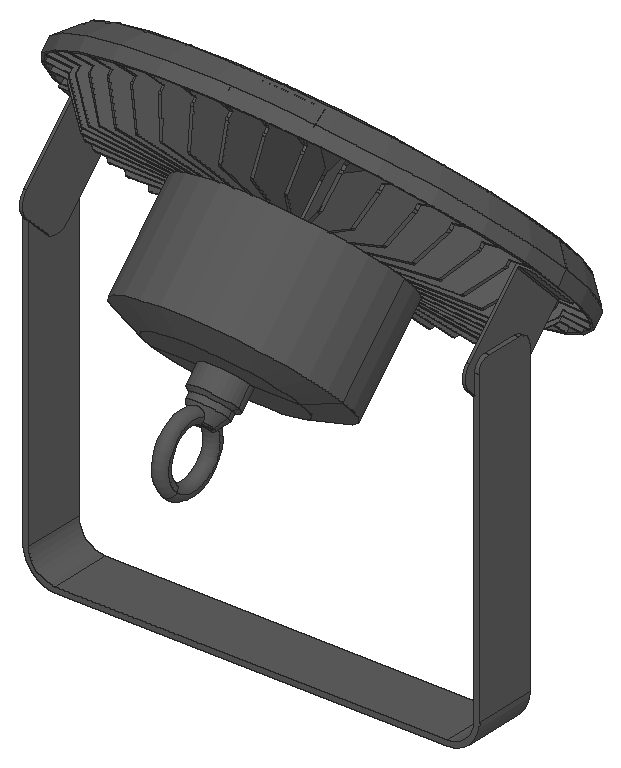
Revit family "0039365+0039353 Sylvania Lighting Fixture START HighBay IP65 DALI 13000lm 840 WB with BRACKET", category Lighting Fixtures, host Face, Revit 2017
Family settings
  Host = Face
  Round Connector Dimension = Use Diameter
  Part Type = Normal
  OmniClass Number = 23.80.70.00
  OmniClass Title = Lighting
  Cut with Voids When Loaded = No
  Light Source = No
  Shared = No
  Room Calculation Point = No
Parameters (values of type "0039365+0039353  START HighBay IP65 DALI 13000lm 840 WB with BRACKET")
  Weight = "3.0 kg"
  Wattage Comments = ""
  WarrantyStartDate [instance] = "n/a"
  WarrantyGuarantorParts = "n/a"
  WarrantyDurationUnit = "n/a"
  WarrantyDurationParts = "n/a"
  WarrantyDescription = "n/a"
  Voltage = 0 V
  URL = "http://www.sylvania-lighting.com"
  TypeName = "START HighBay IP65 DALI 13000lm 840 WB with BRACKET"
  TypeHead_FEILO = Start LED Highbay DALI Head : 0039365+0039353 START HighBay IP65 DALI 13000lm 840 WB with BRACKET
  Type Image = <None>
  Type Comments = "n/a"
  TiltAngle_FEILO [instance] = 45.00°
  ThicknessBracketPlate_FEILO = 3 mm
  SizeBracketS_FEILO = yes
  SizeBracketM_FEILO = no
  SerialNumber [instance] = "n/a"
  RadiusBracketTop_FEILO = 7 mm
  RadiusBendOut_FEILO = if(SizeBracketS_FEILO, 18 mm, if(SizeBracketM_FEILO, 24 mm, 28 mm))  # 18 mm
  RadiusBendIn_FEILO = RadiusBendOut_FEILO - ThicknessBracketPlate_FEILO  # 15 mm
  Material_3_FEILO = none
  PowerFactor = 0.95
  PowerConsumption = "90 W"
  NominalLength = 270 mm
  NominalHeight = 175 mm
  NominalDepth = 270 mm
  Name = "START HighBay IP65 DALI 13000lm 840 WB with BRACKET"
  ModelReference = Name  # "START HighBay IP65 DALI 13000lm 840 WB with BRACKET"
  ModelNumber = "0039365+0039353"
  Model = Name  # "START HighBay IP65 DALI 13000lm 840 WB with BRACKET"
  Material = "aluminium alloy housing, polycarbonate diffuser"
  ManufacturerName = "Feilo Sylvania"
  Manufacturer = "Feilo Sylvania"
  LuminousEfficacy = "130 lm/W"
  LuminaireType = ""
  LightOutputRatio = "n/a"
  LampsType = Lamp  # "LED"
  LampNominalLuminous = "11700 lm"
  LampMacAdamStep = "6"
  LampColourTemperature = "6500 K"
  LampColourRenderingIndex = "80"
  Lamp = "LED"
  Keynote = "16500"
  InstallationDate [instance] = "n/a"
  InputVoltage = "n/a"
  InputNominalFrequency = "50/60 Hz"
  IngressProtection = "IP65"
  ImpactProtectionIndex = "IK08"
  IfcExportType = "IfcLightFixtureType"
  IfcExportAs = "IfcLightFixtureType"
  ExpectedLife = 50000
  EndAngle_FEILO [instance] = TiltAngle_FEILO + 180.00°  # 225.00°
  ElectricShockClassification = "Class I"
  DurationUnit = "hours"
  DocumentationLiterature = "http://www.sylvania-lighting.com/product/en-int/products/0039365"
  DimmingControlOptions = "Dimmable"
  Material_2_FEILO = none
  Description = "START Highbay, includes 1 m cables, black aluminium housing, 11,700 Lm, 90 W, 130 Lm/W, 6500 K, drive current: 2000 mA, CRI 80, 90° beam angle, DALI dimmable, IP65, IK08, 50,000 hrs (L80/B50), (D x H) 270 x 175 mm."
  Default Elevation = 1219.2 mm
  CreatedOn = "5/15/2018"
  CreatedBy = ""
  Cost = 0
  built-in parameter 1114216 [instance] = (empty or 0)
  ClassificationValue = "EF_70_80"
  ClassificationName = "Uniclass2015"
  Material_1_FEILO = Body-Sylvania-StartHighbay-Black
  BracketHeight_FEILO = if(SizeBracketS_FEILO, 199.5 mm, if(SizeBracketM_FEILO, 209.6 mm, 201.3 mm))  # 199.5 mm
  BracketDistanceInner_FEILO = if(SizeBracketS_FEILO, 249.4 mm, if(SizeBracketM_FEILO, 273.6 mm, 313.2 mm))  # 249.4 mm
  BarCode [instance] = "n/a"
  AssetType = "Fixed"
  AssetIdentifier [instance] = "n/a"
  Assembly Code = "D5020200"
  Apparent Load = 90 VA
  Material_4_FEILO = none
Reference planes
  plane 1 "Center (Front/Back)": y = 0
  plane 2: z = 0
  plane 3 "Center (Left/Right)": x = 0
  plane 4: x = -127.7
  plane 5: x = 127.7
  plane 6: z = 199.5
  plane 7: x = -124.7
  plane 8: z = 3
  plane 9: x = 124.7
  plane 10: y = 17.5
  plane 11: y = -17.5
  plane 12: y = -19.5
  plane 13: z = 201.5
  plane 14: y = 19.5
  plane 15: z = 190.5
Forms (mm)
  Extrusion 1, solid, material "Body-Sylvania-StartHighbay-Black" <- "Material_1_FEILO"
    sketch origin (0, 0, 0) x (1, 0, 0) y (0, 0, 1)
      loop
        line (-127.7, 199.5) -> (-127.7, 18)
        arc (-127.7, 18) -> (-122.428, 5.272) -> (-109.7, 0) r 18
        line (-109.7, 0) -> (109.7, 0)
        arc (109.7, 0) -> (122.428, 5.272) -> (127.7, 18) r 18
        line (127.7, 18) -> (127.7, 199.5) -> (124.7, 199.5) -> (124.7, 18)
        arc (124.7, 18) -> (120.307, 7.393) -> (109.7, 3) r 15
        line (109.7, 3) -> (-109.7, 3)
        arc (-109.7, 3) -> (-120.307, 7.393) -> (-124.7, 18) r 15
        line (-124.7, 18) -> (-124.7, 199.5) -> (-127.7, 199.5)
    from -17.5 to 17.5
  Extrusion 2, void
    sketch origin (0, 0, 0) x (0, 1, 0) y (0, 0, 1)
      loop
        arc (10.5, 199.5) -> (15.45, 197.45) -> (17.5, 192.5) r 7
        line (17.5, 192.5) -> (19.5, 192.5) -> (19.5, 201.5) -> (-19.5, 201.5) -> (-19.5, 192.5) -> (-17.5, 192.5)
        arc (-17.5, 192.5) -> (-15.45, 197.45) -> (-10.5, 199.5) r 7
        line (-10.5, 199.5) -> (10.5, 199.5)
    from -127.7 to 127.7
  Revolve 3, solid, not visible
    sketch origin (1223.4, -4572, 190.5) x (0, -1, 0) y (1, 0, 0)
      loop
        line (-4572, -1223.4) -> (-4591.5, -1223.4) -> (-4591.5, -1277.783) -> (-4572, -1277.783) -> (-4572, -1223.4)
      axis (-4572, -1223.4) -> (-4572, -1277.783)
    angle from 45 <- "TiltAngle_FEILO" to 225 <- "EndAngle_FEILO"
Cuts and joins
  Extrusion 2 cuts Extrusion 1
Dimensions and locks
  "BracketHeight_FEILO": plane 6 to plane 2
  equal spacing: plane 11, plane 1 "Center (Front/Back)", plane 10
  locked: plane 11 to plane 10 at 35
  equal spacing: plane 9, plane 3 "Center (Left/Right)", plane 7
  "BracketDistanceInner_FEILO": plane 9 to plane 7
  "ThicknessBracketPlate_FEILO": plane 7 to plane 4
  "ThicknessBracketPlate_FEILO": plane 8 to plane 2
  equal spacing: plane 5, plane 3 "Center (Left/Right)", plane 4
  equal spacing: plane 12, plane 1 "Center (Front/Back)", plane 14
  locked: plane 6 to plane 13 at 2
  locked: plane 12 to plane 11 at 2
  locked: plane 6 to plane 15 at 9
  "RadiusBendOut_FEILO": radius of Extrusion 1 sketch curve  (x2)
  "RadiusBendIn_FEILO": radius of Extrusion 1 sketch curve  (x2)
  "RadiusBracketTop_FEILO": radius of Extrusion 2 sketch curve  (x2)
  aligned and locked: plane 2 to host face
  aligned and locked: level to host face
  aligned and locked: Extrusion 1 sketch curve to plane 4
  aligned and locked: Extrusion 1 sketch curve to level
  aligned and locked: plane 6 to Extrusion 1 sketch curve
  aligned and locked: Extrusion 1 sketch curve to plane 6
  aligned and locked: Extrusion 1 sketch curve to plane 7
  aligned and locked: plane 9 to Extrusion 1 sketch curve
  aligned and locked: plane 8 to Extrusion 1 sketch curve
  aligned and locked: Extrusion 1 to plane 10
  aligned and locked: plane 11 to Extrusion 1
  aligned and locked: Extrusion 1 to Extrusion 2 sketch curve
  aligned and locked: plane 14 to Extrusion 2 sketch curve  (x2)
  aligned and locked: Extrusion 2 sketch curve to plane 12
  aligned and locked: plane 13 to Extrusion 2 sketch curve
  aligned and locked: plane 5 to Extrusion 2
  aligned and locked: Extrusion 2 to plane 4
  aligned and locked: Revolve 3 sketch curve to plane 1 "Center (Front/Back)"
  aligned and locked: Revolve 3 sketch curve to Revolve 3 sketch curve
  aligned and locked: plane 3 "Center (Left/Right)" to Revolve 3 sketch curve
  aligned and locked: Revolve 3 sketch curve to plane 14
  aligned and locked: nested 1 to plane 3 "Center (Left/Right)"
Automatic sketch dimensions
  host sketch curve to host sketch curve = 2438.4 mm  (x2)
  Revolve 3 sketch curve to Revolve 3 sketch curve = 54.383 mm
  Revolve 3 sketch curve to plane 4 = 1396.3 mm
  plane 5 to Revolve 3 sketch curve = 1396.3 mm
  Extrusion 1 sketch curve to Extrusion 1 sketch curve = 0 mm
  Extrusion 2 sketch curve to plane 11 = 0 mm
  Extrusion 2 sketch curve to plane 10 = 0 mm
Nested families
  nested 1: "Start LED Highbay DALI Head" at (0, 0, 190.5) x (-1, 0, 0) z (0, 0.7071, 0.7071), type <- "TypeHead_FEILO", type "0039365+0039353 START HighBay IP65 DALI 13000lm 840 WB with BRACKET"
    with built-in parameter 1114216 (empty or 0)
Connectors
  electrical at (0, 0, 0), driven by "Apparent Load", driven by "PowerFactor", driven by "Voltage"
    settings: index 1, voltage 0 V, apparent load 90 VA, apparent load phase1 0 VA, apparent load phase2 0 VA, apparent load phase3 0 VA, power factor 0.95, load classification "Lighting", number of poles 1, system type 30, power factor state 1, is connector primary yes, connector utility no, sub classification motor no, connector description ""
Definition of nested family "Start LED Highbay DALI Head"
  Parameters (values of type "0039367+0039355+0039361 START HighBay IP65 DALI 26000lm 840 WB with BRACKET and PC LAMPSHADE TRANSPARENT FOR 26KLM")
    X_FEILO = if(SizeS_FEILO, 60.3 mm, if(SizeM_FEILO, 70.4 mm, 83.5 mm))  # 83.5 mm
    WidthStraight_FEILO = if(SizeS_FEILO, 3 mm, if(SizeM_FEILO, 4 mm, 4.7 mm))  # 4.7 mm
    WidthRingChamfer_FEILO = if(SizeS_FEILO, 10.3 mm, if(SizeM_FEILO, 11.2 mm, 12.9 mm))  # 12.9 mm
    WidthCurved_FEILO = if(SizeS_FEILO, 17.4 mm, if(SizeM_FEILO, 16.4 mm, 26.2 mm))  # 26.2 mm
    WidthCurvedRing_FEILO = if(SizeS_FEILO, 3 mm, if(SizeM_FEILO, 4 mm, 4.7 mm))  # 4.7 mm
    WidthBracket_FEILO = 40 mm
    Wattage Comments = ""
    Wattage = 190 W
    built-in parameter 1150110 = 1 (stored number, unit not read)
    URL = "http://www.sylvania-lighting.com"
    Type Image = (empty or 0)
    Type Comments = "n/a"
    built-in parameter 1114217 = 1 (stored number, unit not read)
    Tilt Angle = -90.00°
    ThicknessWall_FEILO = 1.5 mm
    ThicknessBracket_FEILO = 1.5 mm
    ThicknessBracketHalf_FEILO = ThicknessBracket_FEILO / 2  # 0.75 mm
    built-in parameter 1150109 = 1 (stored number, unit not read)
    built-in parameter 1150134 = 1
    built-in parameter 1150113 = 1 (stored number, unit not read)
    SizeS_FEILO = no
    SizeM_FEILO = no
    ShadeThickness_FEILO = 3 mm
    ShadeSizeSM_FEILO = or(SizeS_FEILO, SizeM_FEILO)  # no
    ShadeRadiusOut_FEILO = 205 mm
    ShadeRadiusIn_FEILO = if(ShadeSizeSM_FEILO, 95 mm, 121 mm)  # 121 mm
    ShadeRadiusBend_FEILO = if(ShadeSizeSM_FEILO, 210 mm, 210 mm)  # 210 mm
    ShadeOn_FEILO = yes
    ShadeHeight_FEILO = if(ShadeSizeSM_FEILO, 120 mm, 151 mm)  # 151 mm
    Rib4_FEILO = if(SizeS_FEILO, 18.1 mm, if(SizeM_FEILO, 13.6 mm, 14.6 mm))  # 14.6 mm
    Rib3_FEILO = if(SizeS_FEILO, 15.3 mm, if(SizeM_FEILO, 17.6 mm, 20.2 mm))  # 20.2 mm
    Rib2_FEILO = if(SizeS_FEILO, 3.6 mm, if(SizeM_FEILO, 3.9 mm, 4.5 mm))  # 4.5 mm
    Rib1_FEILO = if(SizeS_FEILO, 15.1 mm, if(SizeM_FEILO, 16.5 mm, 19 mm))  # 19 mm
    RadiusDiffuser_FEILO = if(SizeS_FEILO, 95.2 mm, if(SizeM_FEILO, 105.3 mm, 120 mm))  # 120 mm
    RadiusArrayPost_FEILO = DriverRadius_FEILO - 6 mm  # 70.4 mm
    RHRadius3_FEILO = if(SizeS_FEILO, 6.6 mm, if(SizeM_FEILO, 7.4 mm, 8.6 mm))  # 8.6 mm
    RHRadius2_FEILO = if(SizeS_FEILO, 11 mm, if(SizeM_FEILO, 12 mm, 14 mm))  # 14 mm
    RHRadius1_FEILO = if(SizeS_FEILO, 13.6 mm, if(SizeM_FEILO, 14.9 mm, 17.7 mm))  # 17.7 mm
    RHHeight4_FEILO = if(SizeS_FEILO, 7.3 mm, if(SizeM_FEILO, 8 mm, 9.2 mm))  # 9.2 mm
    RHHeight3_FEILO = if(SizeS_FEILO, 3.6 mm, if(SizeM_FEILO, 3.7 mm, 4.6 mm))  # 4.6 mm
    RHHeight2_FEILO = if(SizeS_FEILO, 2 mm, if(SizeM_FEILO, 2.2 mm, 2.6 mm))  # 2.6 mm
    RHHeight1_FEILO = if(SizeS_FEILO, 11.8 mm, if(SizeM_FEILO, 15.3 mm, 17.4 mm))  # 17.4 mm
    Photometric Web File = "0039367+0039361.ies"
    Material_5_FEILO = none
    Material_3_FEILO = none
    Model = "START HighBay IP65 DALI 26000lm 840 WB with BRACKET and PC LAMPSHADE TRANSPARENT FOR 26KLM"
    Manufacturer = "Feilo Sylvania"
    built-in parameter 1150105 = 33385.3 (stored number, unit not read)
    Lumens = 24700 lm
    built-in parameter 1150115 = 1 (stored number, unit not read)
    built-in parameter 1150137 = (empty or 0)
    built-in parameter 1150139 = (empty or 0)
    built-in parameter 1150112 = 1 (stored number, unit not read)
    built-in parameter 1150114 = 1 (stored number, unit not read)
    Lamp = "LED"
    Keynote = "16500"
    built-in parameter 1150132 = (empty or 0)
    built-in parameter 1150102 = (empty or 0)
    built-in parameter 1150107 = 6500 (stored number, unit not read)
    built-in parameter 1150138 = (empty or 0)
    built-in parameter 1150106 = 333.85 (stored number, unit not read)
    HeightRing_FEILO = if(SizeS_FEILO, 19.8 mm, if(SizeM_FEILO, 32 mm, 36.8 mm))  # 36.8 mm
    HeightRingChamfer_FEILO = if(SizeS_FEILO, 11.7 mm, if(SizeM_FEILO, 23.2 mm, 26.6 mm))  # 26.6 mm
    EyeThickness_FEILO = if(SizeS_FEILO, 8.4 mm, if(SizeM_FEILO, 9.2 mm, 10.5 mm))  # 10.5 mm
    EyeThicknessHalf_FEILO = EyeThickness_FEILO / 2  # 5.25 mm
    EyeInner_FEILO = if(SizeS_FEILO, 13.8 mm, if(SizeM_FEILO, 15.1 mm, 17.3 mm))  # 17.3 mm
    Emit from Circle Diameter = RadiusDiffuser_FEILO * 2  # 240 mm
    Emit Shape Visible in Rendering = no
    built-in parameter 1150104 = 12.077 (stored number, unit not read)
    DriverVerticalStraight_FEILO = if(SizeS_FEILO, 46.5 mm, if(SizeM_FEILO, 49.7 mm, 57 mm))  # 57 mm
    DriverVerticalChamfer_FEILO = if(SizeS_FEILO, 7.5 mm, if(SizeM_FEILO, 8.2 mm, 9.5 mm))  # 9.5 mm
    DriverRadius_FEILO = if(SizeS_FEILO, 61.4 mm, if(SizeM_FEILO, 67.2 mm, 76.4 mm))  # 76.4 mm
    DriverRadiusTop_FEILO = if(SizeS_FEILO, 42 mm, if(SizeM_FEILO, 45.3 mm, 52.4 mm))  # 52.4 mm
    DriverBottom_FEILO = if(SizeS_FEILO, 56 mm, if(SizeM_FEILO, 64.5 mm, 74 mm))  # 74 mm
    Material_2_FEILO = none
    Radius_FEILO = if(SizeS_FEILO, 135 mm, if(SizeM_FEILO, 148 mm, 169.5 mm))  # 169.5 mm
    Dimming Lamp Color Temperature Shift = (empty or 0)
    DiameterWire_FEILO = 3 mm
    DiameterWireSupport_FEILO = 10 mm
    Description = "START Highbay, includes 1 m cables, black aluminium housing, 24,700 Lm, 190 W, 130 Lm/W, 6500 K, drive current: 4100 mA, CRI 80, 90° beam angle, DALI dimmable, IP65, IK08, 50,000 hrs (L80/B50), (D x H) 339 x 189 mm."
    Default Elevation = 1219.2 mm
    Cost = 0
    Color Filter = 16777215
    built-in parameter 1114216 [instance] = (empty or 0)
    Material_1_FEILO = none
    built-in parameter 1114218 = 1 (stored number, unit not read)
    built-in parameter 1150133 = 10 (stored number, unit not read)
    Assembly Code = "D5020200"
    Apparent Load = 190 VA
    Material_4_FEILO = none
  Types (24, lengths in mm): name | X_FEILO | WidthStraight_FEILO | WidthRingChamfer_FEILO | WidthCurved_FEILO | WidthCurvedRing_FEILO | Wattage | built-in parameter 1150134 | SizeS_FEILO | SizeM_FEILO | ShadeSizeSM_FEILO | ShadeRadiusIn_FEILO | ShadeOn_FEILO | ShadeHeight_FEILO | Rib4_FEILO | Rib3_FEILO | Rib2_FEILO | Rib1_FEILO | RadiusDiffuser_FEILO | RadiusArrayPost_FEILO | RHRadius3_FEILO | RHRadius2_FEILO | RHRadius1_FEILO | RHHeight4_FEILO | RHHeight3_FEILO | RHHeight2_FEILO | RHHeight1_FEILO | Photometric Web File | Model | built-in parameter 1150105 | Lumens | built-in parameter 1150107 | built-in parameter 1150106 | HeightRing_FEILO | HeightRingChamfer_FEILO | EyeThickness_FEILO | EyeThicknessHalf_FEILO | EyeInner_FEILO | Emit from Circle Diameter | DriverVerticalStraight_FEILO | DriverVerticalChamfer_FEILO | DriverRadius_FEILO | DriverRadiusTop_FEILO | DriverBottom_FEILO | Radius_FEILO | Description | Apparent Load
    0039367+0039355+0039361 START HighBay IP65 DALI 26000lm 840 WB with BRACKET and PC LAMPSHADE TRANSPARENT FOR 26KLM | 83.5 | 4.7 | 12.9 | 26.2 | 4.7 | 190 W | 1 | no | no | no | 121 | yes | 151 | 14.6 | 20.2 | 4.5 | 19 | 120 | 70.4 | 8.6 | 14 | 17.7 | 9.2 | 4.6 | 2.6 | 17.4 | "0039367+0039361.ies" | "START HighBay IP65 DALI 26000lm 840 WB with BRACKET and PC LAMPSHADE TRANSPARENT FOR 26KLM" | 33385.3 (stored number, unit not read) | 24700 lm | 6500 (stored number, unit not read) | 333.85 (stored number, unit not read) | 36.8 | 26.6 | 10.5 | 5.25 | 17.3 | 240 | 57 | 9.5 | 76.4 | 52.4 | 74 | 169.5 | "START Highbay, includes 1 m cables, black aluminium housing, 24,700 Lm, 190 W, 130 Lm/W, 6500 K, drive current: 4100 mA, CRI 80, 90° beam angle, DALI dimmable, IP65, IK08, 50,000 hrs (L80/B50), (D x H) 339 x 189 mm." | 190 VA
    0039367+0039355+0039360 START HighBay IP65 DALI 26000lm 840 WB with BRACKET and ALU SHADE BLACK COLOR FOR 26KLM | 83.5 | 4.7 | 12.9 | 26.2 | 4.7 | 190 W | 1 | no | no | no | 121 | yes | 151 | 14.6 | 20.2 | 4.5 | 19 | 120 | 70.4 | 8.6 | 14 | 17.7 | 9.2 | 4.6 | 2.6 | 17.4 | "0039367+0039360.ies" | "START HighBay IP65 DALI 26000lm 840 WB with BRACKET and ALU SHADE BLACK COLOR FOR 26KLM" | 33569.2 (stored number, unit not read) | 24700 lm | 6500 (stored number, unit not read) | 335.69 (stored number, unit not read) | 36.8 | 26.6 | 10.5 | 5.25 | 17.3 | 240 | 57 | 9.5 | 76.4 | 52.4 | 74 | 169.5 | "START Highbay, includes 1 m cables, black aluminium housing, 24,700 Lm, 190 W, 130 Lm/W, 6500 K, drive current: 4100 mA, CRI 80, 90° beam angle, DALI dimmable, IP65, IK08, 50,000 hrs (L80/B50), (D x H) 339 x 189 mm." | 190 VA
    0039367+0039355+0039359 START HighBay IP65 DALI 26000lm 840 WB with BRACKET and ALU SHADE ALU COLOR FOR 26KLM | 83.5 | 4.7 | 12.9 | 26.2 | 4.7 | 190 W | 1 | no | no | no | 121 | yes | 151 | 14.6 | 20.2 | 4.5 | 19 | 120 | 70.4 | 8.6 | 14 | 17.7 | 9.2 | 4.6 | 2.6 | 17.4 | "0039367+0039359.ies" | "START HighBay IP65 DALI 26000lm 840 WB with BRACKET and ALU SHADE ALU COLOR FOR 26KLM" | 33569.2 (stored number, unit not read) | 24700 lm | 6500 (stored number, unit not read) | 335.69 (stored number, unit not read) | 36.8 | 26.6 | 10.5 | 5.25 | 17.3 | 240 | 57 | 9.5 | 76.4 | 52.4 | 74 | 169.5 | "START Highbay, includes 1 m cables, black aluminium housing, 24,700 Lm, 190 W, 130 Lm/W, 6500 K, drive current: 4100 mA, CRI 80, 90° beam angle, DALI dimmable, IP65, IK08, 50,000 hrs (L80/B50), (D x H) 339 x 189 mm." | 190 VA
    0039367+0039355 START HighBay IP65 DALI 26000lm 840 WB with BRACKET | 83.5 | 4.7 | 12.9 | 26.2 | 4.7 | 190 W | 1 | no | no | no | 121 | no | 151 | 14.6 | 20.2 | 4.5 | 19 | 120 | 70.4 | 8.6 | 14 | 17.7 | 9.2 | 4.6 | 2.6 | 17.4 | "0039367.ies" | "START HighBay IP65 DALI 26000lm 840 WB with BRACKET" | 13532 (stored number, unit not read) | 24700 lm | 6500 (stored number, unit not read) | 135.32 (stored number, unit not read) | 36.8 | 26.6 | 10.5 | 5.25 | 17.3 | 240 | 57 | 9.5 | 76.4 | 52.4 | 74 | 169.5 | "START Highbay, includes 1 m cables, black aluminium housing, 24,700 Lm, 190 W, 130 Lm/W, 6500 K, drive current: 4100 mA, CRI 80, 90° beam angle, DALI dimmable, IP65, IK08, 50,000 hrs (L80/B50), (D x H) 339 x 189 mm." | 190 VA
    0039366+0039354+0039358 START HighBay IP65 DALI 19000lm 840 WB with BRACKET and PC LAMPSHADE TRANSPARENT 13/19KLM | 70.4 | 4 | 11.2 | 16.4 | 4 | 150 W | 1 | no | yes | yes | 95 | yes | 120 | 13.6 | 17.6 | 3.9 | 16.5 | 105.3 | 61.2 | 7.4 | 12 | 14.9 | 8 | 3.7 | 2.2 | 15.3 | "0039366+0039358.ies" | "START HighBay IP65 DALI 19000lm 840 WB with BRACKET and PC LAMPSHADE TRANSPARENT 13/19KLM" | 26356.9 (stored number, unit not read) | 19500 lm | 6500 (stored number, unit not read) | 263.57 (stored number, unit not read) | 32 | 23.2 | 9.2 | 4.6 | 15.1 | 210.6 | 49.7 | 8.2 | 67.2 | 45.3 | 64.5 | 148 | "START Highbay, includes 1 m cables, black aluminium housing, 19,500 Lm, 150 W, 130 Lm/W, 6500 K, drive current: 3300 mA, CRI 80, 90° beam angle, DALI dimmable, IP65, IK08, 50,000 hrs (L80/B50), (D x H) 296 x 172 mm." | 150 VA
    0039366+0039354+0039357 START HighBay IP65 DALI 19000lm 840 WB with BRACKET and ALU SHADE BLACK COLOR FOR 13/19KLM | 70.4 | 4 | 11.2 | 16.4 | 4 | 150 W | 1 | no | yes | yes | 95 | yes | 120 | 13.6 | 17.6 | 3.9 | 16.5 | 105.3 | 61.2 | 7.4 | 12 | 14.9 | 8 | 3.7 | 2.2 | 15.3 | "0039366+0039357.ies" | "START HighBay IP65 DALI 19000lm 840 WB with BRACKET and ALU SHADE BLACK COLOR FOR 13/19KLM" | 26502 (stored number, unit not read) | 19500 lm | 6500 (stored number, unit not read) | 265.02 (stored number, unit not read) | 32 | 23.2 | 9.2 | 4.6 | 15.1 | 210.6 | 49.7 | 8.2 | 67.2 | 45.3 | 64.5 | 148 | "START Highbay, includes 1 m cables, black aluminium housing, 19,500 Lm, 150 W, 130 Lm/W, 6500 K, drive current: 3300 mA, CRI 80, 90° beam angle, DALI dimmable, IP65, IK08, 50,000 hrs (L80/B50), (D x H) 296 x 172 mm." | 150 VA
    0039366+0039354+0039356 START HighBay IP65 DALI 19000lm 840 WB with BRACKET and ALU SHADE ALU COLOR FOR 13/19KLM | 70.4 | 4 | 11.2 | 16.4 | 4 | 150 W | 1 | no | yes | yes | 95 | yes | 120 | 13.6 | 17.6 | 3.9 | 16.5 | 105.3 | 61.2 | 7.4 | 12 | 14.9 | 8 | 3.7 | 2.2 | 15.3 | "0039366+0039356.ies" | "START HighBay IP65 DALI 19000lm 840 WB with BRACKET and ALU SHADE ALU COLOR FOR 13/19KLM" | 26502 (stored number, unit not read) | 19500 lm | 6500 (stored number, unit not read) | 265.02 (stored number, unit not read) | 32 | 23.2 | 9.2 | 4.6 | 15.1 | 210.6 | 49.7 | 8.2 | 67.2 | 45.3 | 64.5 | 148 | "START Highbay, includes 1 m cables, black aluminium housing, 19,500 Lm, 150 W, 130 Lm/W, 6500 K, drive current: 3300 mA, CRI 80, 90° beam angle, DALI dimmable, IP65, IK08, 50,000 hrs (L80/B50), (D x H) 296 x 172 mm." | 150 VA
    0039366+0039354 START HighBay IP65 DALI 19000lm 840 WB with BRACKET | 70.4 | 4 | 11.2 | 16.4 | 4 | 150 W | 1 | no | yes | yes | 95 | no | 120 | 13.6 | 17.6 | 3.9 | 16.5 | 105.3 | 61.2 | 7.4 | 12 | 14.9 | 8 | 3.7 | 2.2 | 15.3 | "0039366.ies" | "START HighBay IP65 DALI 19000lm 840 WB with BRACKET" | 10981.5 (stored number, unit not read) | 19500 lm | 6500 (stored number, unit not read) | 109.82 (stored number, unit not read) | 32 | 23.2 | 9.2 | 4.6 | 15.1 | 210.6 | 49.7 | 8.2 | 67.2 | 45.3 | 64.5 | 148 | "START Highbay, includes 1 m cables, black aluminium housing, 19,500 Lm, 150 W, 130 Lm/W, 6500 K, drive current: 3300 mA, CRI 80, 90° beam angle, DALI dimmable, IP65, IK08, 50,000 hrs (L80/B50), (D x H) 296 x 172 mm." | 150 VA
    0039365+0039353+0039358 START HighBay IP65 DALI 13000lm 840 WB with BRACKET and PC LAMPSHADE TRANSPARENT 13/19KLM | 60.3 | 3 | 10.3 | 17.4 | 3 | 90 W | 1 | yes | no | yes | 95 | yes | 120 | 18.1 | 15.3 | 3.6 | 15.1 | 95.2 | 55.4 | 6.6 | 11 | 13.6 | 7.3 | 3.6 | 2 | 11.8 | "0039365+0039358.ies" | "START HighBay IP65 DALI 13000lm 840 WB with BRACKET and PC LAMPSHADE TRANSPARENT 13/19KLM" | 15814.1 (stored number, unit not read) | 11700 lm | 6500 (stored number, unit not read) | 158.14 (stored number, unit not read) | 19.8 | 11.7 | 8.4 | 4.2 | 13.8 | 190.4 | 46.5 | 7.5 | 61.4 | 42 | 56 | 135 | "START Highbay, includes 1 m cables, black aluminium housing, 11,700 Lm, 90 W, 130 Lm/W, 6500 K, drive current: 2000 mA, CRI 80, 90° beam angle, DALI dimmable, IP65, IK08, 50,000 hrs (L80/B50), (D x H) 270 x 175 mm." | 90 VA
    0039365+0039353+0039357 START HighBay IP65 DALI 13000lm 840 WB with BRACKET and ALU SHADE BLACK COLOR FOR 13/19KLM | 60.3 | 3 | 10.3 | 17.4 | 3 | 90 W | 1 | yes | no | yes | 95 | yes | 120 | 18.1 | 15.3 | 3.6 | 15.1 | 95.2 | 55.4 | 6.6 | 11 | 13.6 | 7.3 | 3.6 | 2 | 11.8 | "0039365+0039357.ies" | "START HighBay IP65 DALI 13000lm 840 WB with BRACKET and ALU SHADE BLACK COLOR FOR 13/19KLM" | 15901.2 (stored number, unit not read) | 11700 lm | 6500 (stored number, unit not read) | 159.01 (stored number, unit not read) | 19.8 | 11.7 | 8.4 | 4.2 | 13.8 | 190.4 | 46.5 | 7.5 | 61.4 | 42 | 56 | 135 | "START Highbay, includes 1 m cables, black aluminium housing, 11,700 Lm, 90 W, 130 Lm/W, 6500 K, drive current: 2000 mA, CRI 80, 90° beam angle, DALI dimmable, IP65, IK08, 50,000 hrs (L80/B50), (D x H) 270 x 175 mm." | 90 VA
    0039365+0039353+0039356 START HighBay IP65 DALI 13000lm 840 WB with BRACKET and ALU SHADE ALU COLOR FOR 13/19KLM | 60.3 | 3 | 10.3 | 17.4 | 3 | 90 W | 1 | yes | no | yes | 95 | yes | 120 | 18.1 | 15.3 | 3.6 | 15.1 | 95.2 | 55.4 | 6.6 | 11 | 13.6 | 7.3 | 3.6 | 2 | 11.8 | "0039365+0039356.ies" | "START HighBay IP65 DALI 13000lm 840 WB with BRACKET and ALU SHADE ALU COLOR FOR 13/19KLM" | 15901.2 (stored number, unit not read) | 11700 lm | 6500 (stored number, unit not read) | 159.01 (stored number, unit not read) | 19.8 | 11.7 | 8.4 | 4.2 | 13.8 | 190.4 | 46.5 | 7.5 | 61.4 | 42 | 56 | 135 | "START Highbay, includes 1 m cables, black aluminium housing, 11,700 Lm, 90 W, 130 Lm/W, 6500 K, drive current: 2000 mA, CRI 80, 90° beam angle, DALI dimmable, IP65, IK08, 50,000 hrs (L80/B50), (D x H) 270 x 175 mm." | 90 VA
    0039365+0039353 START HighBay IP65 DALI 13000lm 840 WB with BRACKET | 60.3 | 3 | 10.3 | 17.4 | 3 | 90 W | 1 | yes | no | yes | 95 | no | 120 | 18.1 | 15.3 | 3.6 | 15.1 | 95.2 | 55.4 | 6.6 | 11 | 13.6 | 7.3 | 3.6 | 2 | 11.8 | "0039365.ies" | "START HighBay IP65 DALI 13000lm 840 WB with BRACKET" | 6365.5 (stored number, unit not read) | 11700 lm | 6500 (stored number, unit not read) | 63.655 (stored number, unit not read) | 19.8 | 11.7 | 8.4 | 4.2 | 13.8 | 190.4 | 46.5 | 7.5 | 61.4 | 42 | 56 | 135 | "START Highbay, includes 1 m cables, black aluminium housing, 11,700 Lm, 90 W, 130 Lm/W, 6500 K, drive current: 2000 mA, CRI 80, 90° beam angle, DALI dimmable, IP65, IK08, 50,000 hrs (L80/B50), (D x H) 270 x 175 mm." | 90 VA
    0039364+0039355+0039361 START HighBay IP65 DALI 26000lm 840 MB with BRACKET and PC LAMPSHADE TRANSPARENT FOR 26KLM | 83.5 | 4.7 | 12.9 | 26.2 | 4.7 | 190 W | 12 | no | no | no | 121 | yes | 151 | 14.6 | 20.2 | 4.5 | 19 | 120 | 70.4 | 8.6 | 14 | 17.7 | 9.2 | 4.6 | 2.6 | 17.4 | "0039364+0039361.ies" | "START HighBay IP65 DALI 26000lm 840 MB with BRACKET and PC LAMPSHADE TRANSPARENT FOR 26KLM" | 33385.3 (stored number, unit not read) | 24700 lm | 4000 (stored number, unit not read) | 333.85 (stored number, unit not read) | 36.8 | 26.6 | 10.5 | 5.25 | 17.3 | 240 | 57 | 9.5 | 76.4 | 52.4 | 74 | 169.5 | "START Highbay, includes 1 m cables, black aluminium housing, 24,700 Lm, 190 W, 130 Lm/W, 4000 K, drive current: 4100 mA, CRI 80, 60° beam angle, DALI dimmable, IP65, IK08, 50,000 hrs (L80/B50), (D x H) 339 x 189 mm." | 190 VA
    0039364+0039355+0039360 START HighBay IP65 DALI 26000lm 840 MB with BRACKET and ALU SHADE BLACK COLOR FOR 26KLM | 83.5 | 4.7 | 12.9 | 26.2 | 4.7 | 190 W | 12 | no | no | no | 121 | yes | 151 | 14.6 | 20.2 | 4.5 | 19 | 120 | 70.4 | 8.6 | 14 | 17.7 | 9.2 | 4.6 | 2.6 | 17.4 | "0039364+0039360.ies" | "START HighBay IP65 DALI 26000lm 840 MB with BRACKET and ALU SHADE BLACK COLOR FOR 26KLM" | 33569.2 (stored number, unit not read) | 24700 lm | 4000 (stored number, unit not read) | 335.69 (stored number, unit not read) | 36.8 | 26.6 | 10.5 | 5.25 | 17.3 | 240 | 57 | 9.5 | 76.4 | 52.4 | 74 | 169.5 | "START Highbay, includes 1 m cables, black aluminium housing, 24,700 Lm, 190 W, 130 Lm/W, 4000 K, drive current: 4100 mA, CRI 80, 60° beam angle, DALI dimmable, IP65, IK08, 50,000 hrs (L80/B50), (D x H) 339 x 189 mm." | 190 VA
    0039364+0039355+0039359 START HighBay IP65 DALI 26000lm 840 MB with BRACKET and ALU SHADE ALU COLOR FOR 26KLM | 83.5 | 4.7 | 12.9 | 26.2 | 4.7 | 190 W | 12 | no | no | no | 121 | yes | 151 | 14.6 | 20.2 | 4.5 | 19 | 120 | 70.4 | 8.6 | 14 | 17.7 | 9.2 | 4.6 | 2.6 | 17.4 | "0039364+0039359.ies" | "START HighBay IP65 DALI 26000lm 840 MB with BRACKET and ALU SHADE ALU COLOR FOR 26KLM" | 33569.2 (stored number, unit not read) | 24700 lm | 4000 (stored number, unit not read) | 335.69 (stored number, unit not read) | 36.8 | 26.6 | 10.5 | 5.25 | 17.3 | 240 | 57 | 9.5 | 76.4 | 52.4 | 74 | 169.5 | "START Highbay, includes 1 m cables, black aluminium housing, 24,700 Lm, 190 W, 130 Lm/W, 4000 K, drive current: 4100 mA, CRI 80, 60° beam angle, DALI dimmable, IP65, IK08, 50,000 hrs (L80/B50), (D x H) 339 x 189 mm." | 190 VA
    0039364+0039355 START HighBay IP65 DALI 26000lm 840 MB with BRACKET | 83.5 | 4.7 | 12.9 | 26.2 | 4.7 | 190 W | 12 | no | no | no | 121 | no | 151 | 14.6 | 20.2 | 4.5 | 19 | 120 | 70.4 | 8.6 | 14 | 17.7 | 9.2 | 4.6 | 2.6 | 17.4 | "0039364.ies" | "START HighBay IP65 DALI 26000lm 840 MB with BRACKET" | 26901.8 (stored number, unit not read) | 24700 lm | 4000 (stored number, unit not read) | 269.02 (stored number, unit not read) | 36.8 | 26.6 | 10.5 | 5.25 | 17.3 | 240 | 57 | 9.5 | 76.4 | 52.4 | 74 | 169.5 | "START Highbay, includes 1 m cables, black aluminium housing, 24,700 Lm, 190 W, 130 Lm/W, 4000 K, drive current: 4100 mA, CRI 80, 60° beam angle, DALI dimmable, IP65, IK08, 50,000 hrs (L80/B50), (D x H) 339 x 189 mm." | 190 VA
    0039363+0039354+0039358 START HighBay IP65 DALI 19000lm 840 MB with BRACKET and PC LAMPSHADE TRANSPARENT 13/19KLM | 70.4 | 4 | 11.2 | 16.4 | 4 | 150 W | 12 | no | yes | yes | 95 | yes | 120 | 13.6 | 17.6 | 3.9 | 16.5 | 105.3 | 61.2 | 7.4 | 12 | 14.9 | 8 | 3.7 | 2.2 | 15.3 | "0039363+0039358.ies" | "START HighBay IP65 DALI 19000lm 840 MB with BRACKET and PC LAMPSHADE TRANSPARENT 13/19KLM" | 26356.9 (stored number, unit not read) | 19500 lm | 4000 (stored number, unit not read) | 263.57 (stored number, unit not read) | 32 | 23.2 | 9.2 | 4.6 | 15.1 | 210.6 | 49.7 | 8.2 | 67.2 | 45.3 | 64.5 | 148 | "START Highbay, includes 1 m cables, black aluminium housing, 19,500 Lm, 150 W, 130 Lm/W, 4000 K, drive current: 3300 mA, CRI 80, 60° beam angle, DALI dimmable, IP65, IK08, 50,000 hrs (L80/B50), (D x H) 296 x 172 mm." | 150 VA
    0039363+0039354+0039357 START HighBay IP65 DALI 19000lm 840 MB with BRACKET and ALU SHADE BLACK COLOR FOR 13/19KLM | 70.4 | 4 | 11.2 | 16.4 | 4 | 150 W | 12 | no | yes | yes | 95 | yes | 120 | 13.6 | 17.6 | 3.9 | 16.5 | 105.3 | 61.2 | 7.4 | 12 | 14.9 | 8 | 3.7 | 2.2 | 15.3 | "0039363+0039357.ies" | "START HighBay IP65 DALI 19000lm 840 MB with BRACKET and ALU SHADE BLACK COLOR FOR 13/19KLM" | 26502 (stored number, unit not read) | 19500 lm | 4000 (stored number, unit not read) | 265.02 (stored number, unit not read) | 32 | 23.2 | 9.2 | 4.6 | 15.1 | 210.6 | 49.7 | 8.2 | 67.2 | 45.3 | 64.5 | 148 | "START Highbay, includes 1 m cables, black aluminium housing, 19,500 Lm, 150 W, 130 Lm/W, 4000 K, drive current: 3300 mA, CRI 80, 60° beam angle, DALI dimmable, IP65, IK08, 50,000 hrs (L80/B50), (D x H) 296 x 172 mm." | 150 VA
    0039363+0039354+0039356 START HighBay IP65 DALI 19000lm 840 MB with BRACKET and ALU SHADE ALU COLOR FOR 13/19KLM | 70.4 | 4 | 11.2 | 16.4 | 4 | 150 W | 12 | no | yes | yes | 95 | yes | 120 | 13.6 | 17.6 | 3.9 | 16.5 | 105.3 | 61.2 | 7.4 | 12 | 14.9 | 8 | 3.7 | 2.2 | 15.3 | "0039363+0039356.ies" | "START HighBay IP65 DALI 19000lm 840 MB with BRACKET and ALU SHADE ALU COLOR FOR 13/19KLM" | 26502 (stored number, unit not read) | 19500 lm | 4000 (stored number, unit not read) | 265.02 (stored number, unit not read) | 32 | 23.2 | 9.2 | 4.6 | 15.1 | 210.6 | 49.7 | 8.2 | 67.2 | 45.3 | 64.5 | 148 | "START Highbay, includes 1 m cables, black aluminium housing, 19,500 Lm, 150 W, 130 Lm/W, 4000 K, drive current: 3300 mA, CRI 80, 60° beam angle, DALI dimmable, IP65, IK08, 50,000 hrs (L80/B50), (D x H) 296 x 172 mm." | 150 VA
    0039363+0039354 START HighBay IP65 DALI 19000lm 840 MB with BRACKET | 70.4 | 4 | 11.2 | 16.4 | 4 | 150 W | 12 | no | yes | yes | 95 | no | 120 | 13.6 | 17.6 | 3.9 | 16.5 | 105.3 | 61.2 | 7.4 | 12 | 14.9 | 8 | 3.7 | 2.2 | 15.3 | "0039363.ies" | "START HighBay IP65 DALI 19000lm 840 MB with BRACKET" | 22125.4 (stored number, unit not read) | 19500 lm | 4000 (stored number, unit not read) | 221.25 (stored number, unit not read) | 32 | 23.2 | 9.2 | 4.6 | 15.1 | 210.6 | 49.7 | 8.2 | 67.2 | 45.3 | 64.5 | 148 | "START Highbay, includes 1 m cables, black aluminium housing, 19,500 Lm, 150 W, 130 Lm/W, 4000 K, drive current: 3300 mA, CRI 80, 60° beam angle, DALI dimmable, IP65, IK08, 50,000 hrs (L80/B50), (D x H) 296 x 172 mm." | 150 VA
    0039362+0039353+0039358 START HighBay IP65 DALI 13000lm 840 MB with BRACKET and PC LAMPSHADE TRANSPARENT 13/19KLM | 60.3 | 3 | 10.3 | 17.4 | 3 | 90 W | 12 | yes | no | yes | 95 | yes | 120 | 18.1 | 15.3 | 3.6 | 15.1 | 95.2 | 55.4 | 6.6 | 11 | 13.6 | 7.3 | 3.6 | 2 | 11.8 | "0039362+0039358.ies" | "START HighBay IP65 DALI 13000lm 840 MB with BRACKET and PC LAMPSHADE TRANSPARENT 13/19KLM" | 15814.1 (stored number, unit not read) | 11700 lm | 4000 (stored number, unit not read) | 158.14 (stored number, unit not read) | 19.8 | 11.7 | 8.4 | 4.2 | 13.8 | 190.4 | 46.5 | 7.5 | 61.4 | 42 | 56 | 135 | "START Highbay, includes 1 m cables, black aluminium housing, 11,700 Lm, 90 W, 130 Lm/W, 4000 K, drive current: 2000 mA, CRI 80, 60° beam angle, DALI dimmable, IP65, IK08, 50,000 hrs (L80/B50), (D x H) 270 x 175 mm." | 90 VA
    0039362+0039353+0039357 START HighBay IP65 DALI 13000lm 840 MB with BRACKET and ALU SHADE BLACK COLOR FOR 13/19KLM | 60.3 | 3 | 10.3 | 17.4 | 3 | 90 W | 12 | yes | no | yes | 95 | yes | 120 | 18.1 | 15.3 | 3.6 | 15.1 | 95.2 | 55.4 | 6.6 | 11 | 13.6 | 7.3 | 3.6 | 2 | 11.8 | "0039362+0039357.ies" | "START HighBay IP65 DALI 13000lm 840 MB with BRACKET and ALU SHADE BLACK COLOR FOR 13/19KLM" | 15901.2 (stored number, unit not read) | 11700 lm | 4000 (stored number, unit not read) | 159.01 (stored number, unit not read) | 19.8 | 11.7 | 8.4 | 4.2 | 13.8 | 190.4 | 46.5 | 7.5 | 61.4 | 42 | 56 | 135 | "START Highbay, includes 1 m cables, black aluminium housing, 11,700 Lm, 90 W, 130 Lm/W, 4000 K, drive current: 2000 mA, CRI 80, 60° beam angle, DALI dimmable, IP65, IK08, 50,000 hrs (L80/B50), (D x H) 270 x 175 mm." | 90 VA
    0039362+0039353+0039356 START HighBay IP65 DALI 13000lm 840 MB with BRACKET and ALU SHADE ALU COLOR FOR 13/19KLM | 60.3 | 3 | 10.3 | 17.4 | 3 | 90 W | 12 | yes | no | yes | 95 | yes | 120 | 18.1 | 15.3 | 3.6 | 15.1 | 95.2 | 55.4 | 6.6 | 11 | 13.6 | 7.3 | 3.6 | 2 | 11.8 | "0039362+0039356.ies" | "START HighBay IP65 DALI 13000lm 840 MB with BRACKET and ALU SHADE ALU COLOR FOR 13/19KLM" | 15901.2 (stored number, unit not read) | 11700 lm | 4000 (stored number, unit not read) | 159.01 (stored number, unit not read) | 19.8 | 11.7 | 8.4 | 4.2 | 13.8 | 190.4 | 46.5 | 7.5 | 61.4 | 42 | 56 | 135 | "START Highbay, includes 1 m cables, black aluminium housing, 11,700 Lm, 90 W, 130 Lm/W, 4000 K, drive current: 2000 mA, CRI 80, 60° beam angle, DALI dimmable, IP65, IK08, 50,000 hrs (L80/B50), (D x H) 270 x 175 mm." | 90 VA
    0039362+0039353 START HighBay IP65 DALI 13000lm 840 MB with BRACKET | 60.3 | 3 | 10.3 | 17.4 | 3 | 90 W | 12 | yes | no | yes | 95 | no | 120 | 18.1 | 15.3 | 3.6 | 15.1 | 95.2 | 55.4 | 6.6 | 11 | 13.6 | 7.3 | 3.6 | 2 | 11.8 | "0039362.ies" | "START HighBay IP65 DALI 13000lm 840 MB with BRACKET" | 13336.9 (stored number, unit not read) | 11700 lm | 4000 (stored number, unit not read) | 133.37 (stored number, unit not read) | 19.8 | 11.7 | 8.4 | 4.2 | 13.8 | 190.4 | 46.5 | 7.5 | 61.4 | 42 | 56 | 135 | "START Highbay, includes 1 m cables, black aluminium housing, 11,700 Lm, 90 W, 130 Lm/W, 4000 K, drive current: 2000 mA, CRI 80, 60° beam angle, DALI dimmable, IP65, IK08, 50,000 hrs (L80/B50), (D x H) 270 x 175 mm." | 90 VA
  Reference planes
    plane 1 "Center (Front/Back)": y = 0
    plane 2: z = 0
    plane 3 "Center (Left/Right)": x = 0
    plane 4: z = 83.5
    plane 5: x = -169.5
    plane 6: x = -156.6
    plane 7: z = 56.9
    plane 8: z = 46.7
    plane 9: x = -151.9
    plane 10: z = 80.875
    plane 11: x = -125.7
    plane 12: x = -120
    plane 13: x = -147.2
    plane 14: z = 81.875
    plane 15: z = 79.875
    plane 16: x = -117
    plane 17: z = 78.875
    plane 18: x = -168
    plane 19: x = -150.5
    plane 20: z = 42.2
    plane 21: x = -130.3
    plane 22: z = 27.6
    plane 23: x = -20
    plane 24: z = 9.5
    plane 25: x = -76.4
    plane 26: z = -47.5
    plane 27: x = -52.4
    plane 28: z = -57
    plane 29: x = -17.7
    plane 30: z = -74.4
    plane 31: z = -77
    plane 32: x = -14
    plane 33: z = -81.6
    plane 34: z = -90.8
    plane 35: x = -8.6
    plane 36: z = -108.1
    plane 37: z = -125.4
    plane 38: x = 5.25
    plane 39: x = -5.25
    plane 40: z = -135.9
    plane 41: z = -130.65
    plane 42: x = -162.3
    plane 43: x = -167
    plane 44: z = 45.2
    plane 45: x = -155.1
    plane 46: z = -19
    plane 47: y = -20
    plane 48: y = 20
    plane 49: x = 169.5
    plane 50: x = 156.6
    plane 51: x = 168
    plane 52: x = 162.3
    plane 53: x = 167
    plane 54: x = 155.1
    plane 55: x = -205
    plane 56: z = 234.5
    plane 57: x = -121
    plane 58: x = -113
    plane 59: x = -202
    plane 60: z = 86.5
  Forms (mm)
    Extrusion 1, solid
      sketch origin (4.2, 0, 0) x (1, 0, 0) y (0, 1, 0)
        loop
          line (-1219.2, 1219.2) -> (-1219.2, -1219.2) -> (1219.2, -1219.2) -> (1219.2, 1219.2) -> (-1219.2, 1219.2)
      from 0 to -68.017
    Revolve 2, solid, material <- "Material_1_FEILO", detail levels medium+fine
      sketch origin (0, 0, 0) x (1, 0, 0) y (0, 0, 1)
        loop
          line (-169.5, 46.7) -> (-168, 46.7) -> (-168, 56.555) -> (-156.206, 80.875) -> (-147.2, 80.875) -> (-147.2, 82.637)
          arc (-147.2, 82.637) -> (-149.554, 83.047) -> (-151.9, 83.5) r 132.063
          line (-151.9, 83.5) -> (-156.141, 83.5)
          arc (-156.141, 83.5) -> (-156.63, 83.326) -> (-156.899, 82.883) r 0.774
          line (-156.899, 82.883) -> (-169.5, 56.9) -> (-169.5, 46.7)
        axis (0, 83.5) -> (0, 46.7)
      angle from 360 to 0
    Revolve 3, solid, material <- "Material_1_FEILO", detail levels medium+fine
      sketch origin (0, 0, 0) x (1, 0, 0) y (0, 0, 1)
        loop
          line (-125.7, 78.875) -> (-120, 78.875) -> (-120, 56.9) -> (0, 56.9) -> (0, 78.875) -> (-117, 78.875) -> (-117, 79.875) -> (-120, 79.875) -> (-120, 80.875) -> (-125.7, 80.875) -> (-125.7, 78.875)
        axis (0, 80.875) -> (0, 56.9)
      angle from 360 to 0
    Revolve 4, solid, material <- "Material_2_FEILO", detail levels medium+fine
      sketch origin (0, 0, 0) x (1, 0, 0) y (0, 0, 1)
        loop
          line (-120, 79.875) -> (0, 79.875) -> (0, 81.875) -> (-120, 81.875) -> (-120, 79.875)
        axis (0, 81.875) -> (0, 79.875)
      angle from 360 to 0
    Revolve 5, solid, material <- "Material_1_FEILO"
      sketch origin (0, 0, 0) x (1, 0, 0) y (0, 0, 1)
        loop
          line (-76.4, 27.6) -> (-76.4, -47.5) -> (-52.4, -57) -> (-17.7, -57) -> (-17.7, -74.4) -> (-14, -77) -> (-14, -81.6) -> (-9.037, -90.074)
          arc (-9.037, -90.074) -> (-8.49, -90.606) -> (-7.753, -90.8) r 1.5
          line (-7.753, -90.8) -> (0, -90.8) -> (0, 27.6) -> (-76.4, 27.6)
        axis (0, 27.6) -> (0, -90.8)
      angle from 360 to 0
    Revolve 6, solid, material <- "Material_1_FEILO"
      sketch origin (0, 0, 0) x (1, 0, 0) y (0, 0, 1)
        loop
          circle (0, -130.65) r 5.25
        axis (5.25, -108.1) -> (-5.25, -108.1)
      angle from 360 to 0
    Extrusion 7, solid, material <- "Material_1_FEILO"
      sketch origin (0, 0, 0) x (1, 0, 0) y (0, 0, 1)
        loop
          line (-167, 46.7) -> (-167, 45.2) -> (-157.35, 45.2)
          arc (-157.35, 45.2) -> (-156.82, 44.98) -> (-156.6, 44.45) r 0.75
          line (-156.6, 44.45) -> (-156.6, -19) -> (-155.1, -19) -> (-155.1, 45.2)
          arc (-155.1, 45.2) -> (-155.539, 46.261) -> (-156.6, 46.7) r 1.5
          line (-156.6, 46.7) -> (-167, 46.7)
        loop
          line (167, 46.7) -> (156.6, 46.7)
          arc (156.6, 46.7) -> (155.539, 46.261) -> (155.1, 45.2) r 1.5
          line (155.1, 45.2) -> (155.1, -19) -> (156.6, -19) -> (156.6, 44.45)
          arc (156.6, 44.45) -> (156.82, 44.98) -> (157.35, 45.2) r 0.75
          line (157.35, 45.2) -> (167, 45.2) -> (167, 46.7)
      from -20 to 20
    Extrusion 8, void
      sketch origin (0, 0, 0) x (0, 1, 0) y (0, 0, 1)
        loop
          arc (-10, -19) -> (-17.071, -16.071) -> (-20, -9) r 10
          line (-20, -9) -> (-25, -9) -> (-25, -24) -> (-10, -24) -> (-10, -19)
        loop
          line (10, -19) -> (10, -24) -> (25, -24) -> (25, -9) -> (20, -9)
          arc (20, -9) -> (17.071, -16.071) -> (10, -19) r 10
      from -156.6 to 156.6
    Revolve 9, solid, material <- "Material_1_FEILO", detail levels coarse
      sketch origin (0, 0, 0) x (1, 0, 0) y (0, 0, 1)
        loop
          line (0, 83.5) -> (-156.6, 83.5) -> (-169.5, 56.9) -> (-169.5, 46.7) -> (-150.5, 46.7) -> (-150.5, 42.2) -> (-130.3, 27.6) -> (0, 27.6) -> (0, 83.5)
        axis (0, 83.5) -> (0, 27.6)
      angle from 360 to 0
    Revolve 10, solid, material <- "Material_4_FEILO", visible <- "ShadeOn_FEILO"
      sketch origin (0, 0, 0) x (1, 0, 0) y (0, 0, 1)
        loop
          line (-121, 83.5) -> (-113, 83.5) -> (-113, 86.5) -> (-120.341, 86.5)
          arc (-120.341, 86.5) -> (-177.055, 151.769) -> (-202.193, 234.5) r 207.203
          line (-202.193, 234.5) -> (-205, 234.5)
          arc (-205, 234.5) -> (-179.25, 149.96) -> (-121, 83.5) r 210
        axis (0, 234.5) -> (0, 83.5)
      angle from 360 to 0
  Cuts and joins
    Extrusion 8 cuts Extrusion 7
  Lines and regions (mm)
    reference lines
      curve 1: line (-169.5, 0, 56.9) -> (-156.6, 0, 83.5)
      curve 2: line (-125.7, 0, 80.875) -> (0, 0, 80.875)
      curve 3: arc (-125.7, 0, 80.875) -> (-138.866, 0, 81.533) -> (-151.9, 0, 83.5) r 132.063
      curve 4: line (-156.6, 0, 83.5) -> (-151.9, 0, 83.5)
      curve 5: line (-156.206, 0, 80.875) -> (-168, 0, 56.555)
      curve 6: line (-150.5, 0, 42.2) -> (-130.3, 0, 27.6)
      curve 7: line (-14, 0, -81.6) -> (-8.6, 0, -90.8)
      curve 8: circle (0, 0, -130.65) r 5.25 normal (0, -1, 0)
      curve 9: arc (-121, 0, 83.5) -> (-179.25, 0, 149.96) -> (-205, 0, 234.5) r 210
  Dimensions and locks
    "Radius_FEILO": plane 3 "Center (Left/Right)" to plane 5
    "WidthRingChamfer_FEILO": plane 6 to plane 5
    "WidthStraight_FEILO": plane 9 to plane 6
    "WidthCurvedRing_FEILO": plane 13 to plane 9
    locked: plane 10 to plane 15 at 1
    locked: plane 14 to plane 10 at 1
    locked: plane 4 to plane 10 at 2.625
    locked: plane 15 to plane 17 at 1
    "ThicknessWall_FEILO": plane 18 to plane 5
    "ThicknessWall_FEILO": curve 5 to curve 1
    "HeightRingChamfer_FEILO": plane 4 to plane 7
    "HeightRing_FEILO": plane 4 to plane 8
    "RadiusDiffuser_FEILO": plane 3 "Center (Left/Right)" to plane 12
    locked: plane 16 to plane 12 at 3
    "WidthCurved_FEILO": plane 11 to plane 9
    "X_FEILO": plane 4 to plane 2
    "Rib1_FEILO": plane 19 to plane 5
    "Rib2_FEILO": plane 8 to plane 20
    "Rib3_FEILO": plane 21 to plane 19
    "Rib4_FEILO": plane 20 to plane 22
    locked: plane 3 "Center (Left/Right)" to plane 23 at 20
    "DriverBottom_FEILO": plane 4 to plane 24
    "DriverRadius_FEILO": plane 3 "Center (Left/Right)" to plane 25
    "DriverVerticalStraight_FEILO": plane 24 to plane 26
    "DriverRadiusTop_FEILO": plane 3 "Center (Left/Right)" to plane 27
    "DriverVerticalChamfer_FEILO": plane 26 to plane 28
    "RHRadius1_FEILO": plane 3 "Center (Left/Right)" to plane 29
    "RHHeight2_FEILO": plane 30 to plane 31
    "RHRadius2_FEILO": plane 3 "Center (Left/Right)" to plane 32
    "RHHeight3_FEILO": plane 31 to plane 33
    "RHHeight4_FEILO": plane 33 to plane 34
    "RHRadius3_FEILO": plane 3 "Center (Left/Right)" to plane 35
    "RHHeight1_FEILO": plane 28 to plane 30
    "EyeInner_FEILO": plane 34 to plane 36
    "EyeInner_FEILO": plane 36 to plane 37
    equal spacing: plane 38, plane 3 "Center (Left/Right)", plane 39
    "EyeThickness_FEILO": plane 38 to plane 39
    "EyeThickness_FEILO": plane 37 to plane 40
    equal spacing: plane 37, plane 41, plane 40
    equal spacing: plane 6, plane 42, plane 18
    "ThicknessBracket_FEILO": plane 45 to plane 6
    "ThicknessBracket_FEILO": plane 8 to plane 44
    locked: plane 43 to plane 18 at 1
    equal spacing: plane 24, plane 46, plane 26
    equal spacing: plane 47, plane 1 "Center (Front/Back)", plane 48
    "WidthBracket_FEILO": plane 47 to plane 48
    "WidthRingChamfer_FEILO": plane 50 to plane 49
    "ThicknessWall_FEILO": plane 51 to plane 49
    equal spacing: plane 50, plane 52, plane 51
    "ThicknessBracket_FEILO": plane 54 to plane 50
    locked: plane 53 to plane 51 at 1
    "Radius_FEILO": plane 49 to plane 3 "Center (Left/Right)"
    "ShadeRadiusOut_FEILO": plane 3 "Center (Left/Right)" to plane 55
    "ShadeHeight_FEILO": plane 56 to plane 4
    "ShadeRadiusIn_FEILO": plane 3 "Center (Left/Right)" to plane 57
    locked: plane 58 to plane 57 at 8
    "ShadeThickness_FEILO": plane 60 to plane 4
    "ShadeThickness_FEILO": plane 59 to plane 55
    "EyeThicknessHalf_FEILO": radius of curve 8
    "ThicknessBracket_FEILO": radius of Extrusion 7 sketch curve  (x2)
    "ThicknessBracketHalf_FEILO": radius of Extrusion 7 sketch curve  (x2)
    "ShadeRadiusBend_FEILO": radius of curve 9
    aligned and locked: plane 2 to Extrusion 1
    aligned and locked: level to Extrusion 1
    aligned and locked: plane 5 to curve 1
    aligned and locked: plane 6 to curve 1
    aligned and locked: plane 7 to curve 1
    aligned and locked: plane 10 to curve 2
    aligned and locked: plane 9 to curve 3
    aligned and locked: plane 4 to curve 3
    aligned and locked: plane 11 to curve 3
    aligned and locked: plane 4 to curve 4
    aligned and locked: plane 18 to curve 5
    aligned and locked: plane 10 to curve 5
    aligned and locked: Revolve 2 sketch curve to plane 3 "Center (Left/Right)"
    aligned and locked: Revolve 2 sketch curve to curve 3
    aligned and locked: Revolve 2 sketch curve to curve 1
    aligned and locked: plane 4 to Revolve 2 sketch curve
    aligned and locked: plane 9 to Revolve 2 sketch curve
    aligned and locked: Revolve 2 sketch curve to plane 13
    aligned and locked: Revolve 2 sketch curve to plane 10
    aligned and locked: plane 13 to Revolve 2 sketch curve
    aligned and locked: plane 10 to Revolve 2 sketch curve
    aligned and locked: Revolve 2 sketch curve to plane 18
    aligned and locked: Revolve 2 sketch curve to plane 8
    aligned and locked: plane 5 to Revolve 2 sketch curve  (x2)
    aligned and locked: Revolve 3 sketch curve to plane 3 "Center (Left/Right)"
    aligned and locked: plane 11 to Revolve 3 sketch curve
    aligned and locked: Revolve 3 sketch curve to curve 2
    aligned and locked: plane 15 to Revolve 3 sketch curve
    aligned and locked: Revolve 3 sketch curve to plane 16
    aligned and locked: plane 17 to Revolve 3 sketch curve  (x2)
    aligned and locked: Revolve 3 sketch curve to plane 12
    aligned and locked: plane 7 to Revolve 3 sketch curve
    aligned and locked: Revolve 4 sketch curve to plane 3 "Center (Left/Right)"
    aligned and locked: Revolve 4 sketch curve to plane 14
    aligned and locked: plane 3 "Center (Left/Right)" to Revolve 4 sketch curve
    aligned and locked: Revolve 4 sketch curve to plane 12
    aligned and locked: plane 15 to Revolve 4 sketch curve
    aligned and locked: Revolve 2 sketch curve to curve 5
    aligned and locked: plane 22 to curve 6
    aligned and locked: plane 21 to curve 6
    aligned and locked: plane 20 to curve 6
    aligned and locked: plane 19 to curve 6
    aligned and locked: plane 33 to curve 7
    aligned and locked: plane 32 to curve 7
    aligned and locked: plane 35 to curve 7
    aligned and locked: plane 34 to curve 7
    aligned and locked: Revolve 5 sketch curve to plane 3 "Center (Left/Right)"
    aligned and locked: Revolve 5 sketch curve to plane 25
    aligned and locked: plane 27 to Revolve 5 sketch curve
    aligned and locked: plane 28 to Revolve 5 sketch curve
    aligned and locked: plane 30 to Revolve 5 sketch curve
    aligned and locked: Revolve 5 sketch curve to plane 29
    aligned and locked: plane 31 to Revolve 5 sketch curve
    aligned and locked: Revolve 5 sketch curve to curve 7
    aligned and locked: Revolve 5 sketch curve to plane 32
    aligned and locked: plane 34 to Revolve 5 sketch curve
    aligned and locked: plane 3 "Center (Left/Right)" to Revolve 5 sketch curve
    aligned and locked: plane 3 "Center (Left/Right)" to curve 8
    aligned and locked: plane 41 to curve 8
    aligned and locked: Revolve 6 sketch curve to plane 36
    aligned and locked: Revolve 6 sketch curve to curve 8
    aligned and locked: plane 43 to Extrusion 7 sketch curve  (x2)
    aligned and locked: plane 8 to Extrusion 7 sketch curve  (x3)
    aligned and locked: Extrusion 7 sketch curve to plane 45
    aligned and locked: Extrusion 7 sketch curve to plane 46  (x2)
    aligned and locked: plane 6 to Extrusion 7 sketch curve
    aligned and locked: Extrusion 7 sketch curve to plane 44  (x2)
    aligned and locked: Extrusion 7 to plane 48
    aligned and locked: plane 47 to Extrusion 7
    aligned and locked: plane 53 to Extrusion 7 sketch curve
    aligned and locked: plane 50 to Extrusion 7 sketch curve
    aligned and locked: Extrusion 7 sketch curve to plane 54
    aligned and locked: Extrusion 8 sketch curve to Extrusion 8 sketch curve
    aligned and locked: Extrusion 8 to plane 6
    aligned and locked: Extrusion 8 to Extrusion 7
    aligned and locked: Revolve 5 sketch curve to plane 22
    aligned and locked: plane 23 to nested 1
    aligned and locked: plane 1 "Center (Front/Back)" to nested 1
    aligned and locked: Revolve 9 sketch curve to plane 3 "Center (Left/Right)"
    aligned and locked: Revolve 9 sketch curve to plane 4
    aligned and locked: plane 6 to Revolve 9 sketch curve
    aligned and locked: plane 4 to Revolve 9 sketch curve
    aligned and locked: plane 7 to Revolve 9 sketch curve
    aligned and locked: Revolve 9 sketch curve to plane 5
    aligned and locked: plane 8 to Revolve 9 sketch curve  (x2)
    aligned and locked: Revolve 9 sketch curve to plane 19
    aligned and locked: plane 20 to Revolve 9 sketch curve
    aligned and locked: plane 19 to Revolve 9 sketch curve
    aligned and locked: plane 21 to Revolve 9 sketch curve
    aligned and locked: plane 22 to Revolve 9 sketch curve  (x2)
    aligned and locked: Revolve 9 sketch curve to Revolve 9 sketch curve
    aligned and locked: imposter light to plane 4
    aligned and locked: plane 3 "Center (Left/Right)" to imposter light
    aligned and locked: imposter light to plane 1 "Center (Front/Back)"
    aligned and locked: plane 55 to curve 9
    aligned and locked: plane 56 to curve 9
    aligned and locked: plane 57 to curve 9
    aligned and locked: plane 4 to curve 9
    aligned and locked: Revolve 10 sketch curve to curve 9
    aligned and locked: plane 58 to Revolve 10 sketch curve
    aligned and locked: plane 57 to Revolve 10 sketch curve
    aligned and locked: plane 56 to Revolve 10 sketch curve  (x2)
    aligned and locked: Revolve 10 sketch curve to plane 58
    aligned and locked: plane 60 to Revolve 10 sketch curve
  Automatic sketch dimensions
    Extrusion 1 sketch curve to Extrusion 1 sketch curve = 2438.4 mm  (x2)
    Revolve 2 sketch curve to plane 6 = 0.299 mm
    plane 6 to Revolve 2 sketch curve = 0.459 mm
    Revolve 2 sketch curve to level = 609.6 mm
    Revolve 2 sketch curve to Revolve 2 sketch curve = 2312.223 mm
    Revolve 3 sketch curve to plane 12 = 0 mm
    Revolve 3 sketch curve to plane 3 "Center (Left/Right)" = 0 mm
    Revolve 3 sketch curve to level = 609.6 mm
    Revolve 3 sketch curve to plane 4 = 2339.058 mm
    Revolve 4 sketch curve to level = 609.6 mm
    Revolve 4 sketch curve to plane 4 = 2339.058 mm
    Revolve 6 sketch curve to plane 5 = 1080 mm
    plane 38 to Revolve 6 sketch curve = 1219.2 mm
    Extrusion 8 sketch curve to plane 47 = 0 mm
    plane 46 to Extrusion 8 sketch curve = 0 mm  (x2)
    Extrusion 8 sketch curve to plane 48 = 0 mm
    plane 47 to Extrusion 8 sketch curve = 5 mm
    plane 1 "Center (Front/Back)" to Extrusion 8 sketch curve = 10 mm
    Extrusion 8 sketch curve to Extrusion 8 sketch curve = 10 mm
    plane 46 to Extrusion 8 sketch curve = 5 mm
    Extrusion 8 sketch curve to Extrusion 8 sketch curve = 5 mm
    Extrusion 8 sketch curve to plane 48 = 5 mm
    Revolve 5 sketch curve to plane 26 = 0 mm
    Revolve 5 sketch curve to plane 35 = 0.437 mm
    plane 35 to Revolve 5 sketch curve = 0.847 mm
    Revolve 5 sketch curve to plane 34 = 0.726 mm
    plane 40 to Revolve 5 sketch curve = 590.2 mm
    Revolve 5 sketch curve to plane 4 = 2339.058 mm
    Revolve 9 sketch curve to level = 609.6 mm
    Revolve 9 sketch curve to Revolve 9 sketch curve = 2386.058 mm
    curve 2 to plane 3 "Center (Left/Right)" = 0 mm
    Revolve 10 sketch curve to Revolve 10 sketch curve = 0 mm  (x2)
    Revolve 10 sketch curve to plane 3 "Center (Left/Right)" = 0 mm
    plane 57 to Revolve 10 sketch curve = 0.659 mm
    Revolve 10 sketch curve to level = 609.6 mm
    Revolve 10 sketch curve to Revolve 10 sketch curve = 2068.248 mm
  Nested families
    nested 1: "Start Highbay Rib" at (0, 0, 80.875), type "Type Name", detail levels medium+fine
      with SuspensionHeight_FEILO 2.6 mm
    nested 2: "Start Highbay Rib" at (0, 0, 80.875) x (0.9877, 0.1564, 0) z (0, 0, 1), type "Type Name", detail levels medium+fine
      with SuspensionHeight_FEILO 2.6 mm
    nested 3: "Start Highbay Rib" at (0, 0, 80.875) x (0.9511, 0.309, 0) z (0, 0, 1), type "Type Name", detail levels medium+fine
      with SuspensionHeight_FEILO 2.6 mm
    nested 4: "Start Highbay Rib" at (0, 0, 80.875) x (0.891, 0.454, 0) z (0, 0, 1), type "Type Name", detail levels medium+fine
      with SuspensionHeight_FEILO 2.6 mm
    nested 5: "Start Highbay Rib" at (0, 0, 80.875) x (0.809, 0.5878, 0) z (0, 0, 1), type "Type Name", detail levels medium+fine
      with SuspensionHeight_FEILO 2.6 mm
    nested 6: "Start Highbay Rib" at (0, 0, 80.875) x (0.7071, 0.7071, 0) z (0, 0, 1), type "Type Name", detail levels medium+fine
      with SuspensionHeight_FEILO 2.6 mm
    nested 7: "Start Highbay Rib" at (0, 0, 80.875) x (0.5878, 0.809, 0) z (0, 0, 1), type "Type Name", detail levels medium+fine
      with SuspensionHeight_FEILO 2.6 mm
